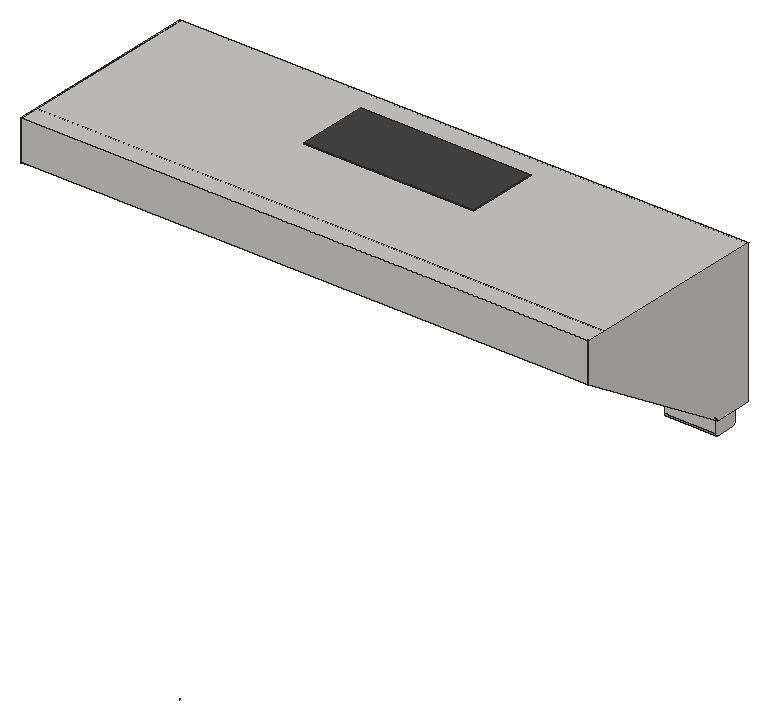
Revit family "QF_ELECTROLUXPROFESSIONAL_642272_MP720BT", category Specialty Equipment, Revit 2014
Reference planes
  plane 1: z = 0
  plane 2 "Center (Left/Right)": x = 150
  plane 3 "LEFT": x = -850
  plane 4 "RIGHT": x = 1150
  plane 5 "BACK": y = 550
  plane 6 "Plane": z = 2000
  plane 7 "TOP": z = 2140
  plane 8 "Base": z = 1640
  plane 9: z = 1566
  plane 10 "DrainY": y = 485
  plane 11: x = -847
  plane 12: through (0, 414.509, 1640.8) normal (0, 0.7314, 0.682)
  plane 13: y = 470
  plane 14: y = 220
  plane 15 "DrainX": x = 1030
  plane 16: x = -150
  plane 17: x = 450
  plane 18: x = 1147
  plane 19: x = 940
  plane 20: x = 1120
  plane 21: x = -810
  plane 22: x = 1110
  plane 23: x = -47.5
  plane 24: x = 347.5
  plane 25 "Center (Front/Back)": y = 200
  plane 26 "Front": y = -150
Forms (mm)
  Extrusion 1, solid, material "QF_Finishes_Stainless Steel"
    sketch origin (-850, 0, 0) x (0, 1, 0) y (0, 0, 1)
      loop
        line (550, 1640) -> (550, 2140) -> (-150, 2140) -> (-150, 1999.112) -> (413.973, 1640) -> (550, 1640)
    from 0 to 3
  Extrusion 2, solid, material "QF_Finishes_Stainless Steel"
    sketch origin (150, 0, 0) x (0, 1, 0) y (0, 0, 1)
      loop
        line (415.255, 1640) -> (550, 1640) -> (550, 2139.19) -> (549.2, 2139.19) -> (549.2, 1640.8) -> (415.876, 1640.8) -> (339.347, 1722.867) -> (349.609, 1732.436) -> (348.927, 1733.167) -> (337.934, 1722.917) -> (415.255, 1640)
      loop
        line (-82.203, 2139.19) -> (-82.203, 2118.6) -> (-31.047, 2118.6) -> (34.354, 2048.466) -> (46.028, 2059.352) -> (45.346, 2060.083) -> (34.403, 2049.879) -> (-30.612, 2119.6) -> (-81.203, 2119.6) -> (-81.203, 2139.19) -> (-82.203, 2139.19)
    from -997 to 997
  Extrusion 3, solid, material "QF_Finishes_Stainless Steel"
    sketch origin (1150, 0, 0) x (0, 1, 0) y (0, 0, 1)
      loop
        line (550, 1640) -> (550, 2140) -> (-150, 2140) -> (-150, 1999.112) -> (413.973, 1640) -> (550, 1640)
    from 0 to -3
  Extrusion 4, solid, material "QF_Finishes_Stainless Steel"
    sketch origin (150, 0, 0) x (0, 1, 0) y (0, 0, 1)
      loop
        line (-150, 2140) -> (-150, 2000) -> (-149.2, 2000) -> (-149.2, 2139.19) -> (550, 2139.19) -> (550, 2140) -> (-150, 2140)
    from -1000 to 1000
  Extrusion 5, solid, material "QF_Finishes_Stainless Steel"
    sketch origin (150, 0, 0) x (0, 1, 0) y (0, 0, 1)
      loop
        line (534, 1640) -> (436, 1640) -> (436, 1627) -> (443.5, 1627) -> (443.5, 1576)
        arc (443.5, 1576) -> (446.429, 1568.929) -> (453.5, 1566) r 10
        line (453.5, 1566) -> (516.5, 1566)
        arc (516.5, 1566) -> (523.571, 1568.929) -> (526.5, 1576) r 10
        line (526.5, 1576) -> (526.5, 1627) -> (534, 1627) -> (534, 1640)
    from 790 to 970
  Extrusion 6, solid, material "QF_Finishes_Stainless Steel"
    sketch origin (0, 0, 1640) x (0, 1, 0) y (-1, 0, 0)
      loop
        circle (485, -1030) r 20
    from -76 to -74
  Extrusion 7, solid, material "QF_Finished_Chrome"
    sketch origin (150, 0, 0) x (0, 1, 0) y (0, 0, 1)
      loop
        line (337.934, 1722.917) -> (341.591, 1726.327) -> (38.011, 2051.876) -> (34.354, 2048.466) -> (337.934, 1722.917)
    from -197.5 to -960
  Extrusion 8, solid, material "QF_Finishes_Stainless Steel"
    sketch origin (150, 0, 0) x (0, 1, 0) y (0, 0, 1)
      loop
        line (337.934, 1722.917) -> (341.591, 1726.327) -> (38.011, 2051.876) -> (34.354, 2048.466) -> (337.934, 1722.917)
    from 997 to 960
  Extrusion 9, solid, material "QF_Finished_Chrome"
    sketch origin (150, 0, 0) x (0, 1, 0) y (0, 0, 1)
      loop
        line (341.588, 1726.324) -> (38.009, 2051.874) -> (34.354, 2048.466) -> (337.934, 1722.917) -> (341.588, 1726.324)
    from 197.5 to 960
  Extrusion 10, solid, material "QF_Finishes_Black"
    sketch origin (0, 0, 2140) x (0, 1, 0) y (-1, 0, 0)
      loop
        line (470, -450) -> (470, 150) -> (220, 150) -> (220, -450) -> (470, -450)
    from 5 to 0
  Extrusion 11, solid, material "QF_Finishes_Stainless Steel"
    sketch origin (0, 0, 0) x (1, 0, 0) y (0, 1, 0)
      loop
        line (-850, 550) -> (-850, 549) -> (-849, 549) -> (-849, 550) -> (-850, 550)
    from 0 to 1
  Extrusion 12, solid, material "QF_Finishes_Stainless Steel"
    sketch origin (150, 0, 0) x (0, 1, 0) y (0, 0, 1)
      loop
        line (337.934, 1722.917) -> (341.591, 1726.327) -> (38.011, 2051.876) -> (34.354, 2048.466) -> (337.934, 1722.917)
    from -960 to -997
  Extrusion 13, solid, material "QF_Finishes_Stainless Steel"
    sketch origin (150, 0, 0) x (0, 1, 0) y (0, 0, 1)
      loop
        line (337.934, 1722.917) -> (341.591, 1726.327) -> (38.011, 2051.876) -> (34.354, 2048.466) -> (337.934, 1722.917)
    from 197.5 to -197.5
Cuts and joins
  joined: Extrusion 2, Extrusion 4
Lines and regions (mm)
  reference lines
    curve 1: line (150, 34.354, 2048.466) -> (150, 34.354, 1888.466)
  symbolic lines, style "SpecialityEquipment", detail levels coarse
    curve 2: line (1150, 550, 2140) -> (-850, 550, 2140)
    curve 3: line (-850, 550, 2140) -> (-850, -150, 2140)
    curve 4: line (1150, -150, 2140) -> (1150, 550, 2140)
    curve 5: line (-850, -150, 2140) -> (1150, -150, 2140)
    curve 6: line (450, 220, 2140) -> (-150, 220, 2140)
    curve 7: line (450, 470, 2140) -> (450, 220, 2140)
    curve 8: line (-150, 470, 2140) -> (450, 470, 2140)
    curve 9: line (-150, 220, 2140) -> (-150, 470, 2140)
    curve 10: line (-850, -150, 0) -> (1150, 550, 0)
    curve 11: line (1150, -150, 0) -> (-850, 550, 0)
Dimensions and locks
  plane 3 "LEFT" to plane 4 "RIGHT" = 2000 mm
  equal spacing: plane 3 "LEFT", plane 2 "Center (Left/Right)", plane 4 "RIGHT"
  locked: plane 6 "Plane" to level at 2000
  plane 7 "TOP" to plane 6 "Plane" = 140 mm
  locked: plane 7 "TOP" to plane 8 "Base" at 500
  plane 8 "Base" to plane 9 = 74 mm
  plane 5 "BACK" to plane 10 "DrainY" = 65 mm  (x2)
  plane 3 "LEFT" to plane 11 = 3 mm
  plane 5 "BACK" to plane 13 = 80 mm
  plane 13 to plane 14 = 250 mm  (x2)
  plane 15 "DrainX" to plane 4 "RIGHT" = 120 mm
  plane 18 to plane 4 "RIGHT" = 3 mm
  locked: plane 19 to plane 15 "DrainX" at 90
  locked: plane 15 "DrainX" to plane 20 at 90
  plane 13 to plane 5 "BACK" = 80 mm
  locked: plane 3 "LEFT" to plane 21 at 40
  locked: plane 22 to plane 4 "RIGHT" at 40
  locked: plane 23 to plane 24 at 395
  equal spacing: plane 23, plane 2 "Center (Left/Right)", plane 24
  locked: plane 16 to plane 17 at 600
  equal spacing: plane 16, plane 2 "Center (Left/Right)", plane 17
  locked: plane 5 "BACK" to plane 26 "Front" at 700
  equal spacing: plane 5 "BACK", plane 25 "Center (Front/Back)", plane 26 "Front"
  plane 5 "BACK" to plane 26 "Front" = 700 mm
  aligned and locked: level to plane 1
  aligned and locked: Extrusion 2 to Extrusion 1
  aligned and locked: Extrusion 2 to Extrusion 3
  aligned and locked: plane 4 "RIGHT" to Extrusion 4
  aligned and locked: Extrusion 4 to plane 3 "LEFT"
  aligned and locked: plane 18 to Extrusion 8
  aligned and locked: Extrusion 10 to plane 16
  aligned and locked: Extrusion 10 to plane 14
  aligned and locked: Extrusion 10 to plane 13
  aligned and locked: Extrusion 2 to Extrusion 4
  aligned and locked: plane 20 to Extrusion 5
  aligned and locked: Extrusion 5 to plane 19
  aligned and locked: Extrusion 8 to plane 22
  aligned and locked: Extrusion 9 to plane 22
  aligned and locked: Extrusion 7 to plane 21
  aligned and locked: Extrusion 12 to plane 11
  aligned and locked: plane 21 to Extrusion 12
  aligned and locked: Extrusion 3 to plane 18
  aligned and locked: Extrusion 10 to plane 17
  aligned and locked: plane 17 to curve 7
  aligned and locked: plane 24 to Extrusion 13
  aligned and locked: Extrusion 13 to plane 23
  aligned and locked: Extrusion 9 to plane 24
Automatic sketch dimensions
  curve 5 to plane 4 "RIGHT" = 0 mm
  curve 6 to plane 14 = 0 mm
  plane 13 to curve 8 = 0 mm
  curve 3 to plane 3 "LEFT" = 0 mm
  curve 3 to plane 5 "BACK" = 0 mm
  curve 6 to plane 16 = 0 mm
  Extrusion 2 sketch curve to plane 12 = 0 mm  (x3)
  Extrusion 2 sketch curve to plane 8 "Base" = 0 mm
  plane 12 to Extrusion 2 sketch curve = 0 mm
  Extrusion 2 sketch curve to plane 5 "BACK" = 0 mm
  Extrusion 2 sketch curve to Extrusion 2 sketch curve = 65.646 mm
  Extrusion 2 sketch curve to Extrusion 2 sketch curve = 0.682 mm  (x2)
  Extrusion 2 sketch curve to Extrusion 2 sketch curve = 10.261 mm
  plane 8 "Base" to Extrusion 2 sketch curve = 82.917 mm
  Extrusion 2 sketch curve to Extrusion 2 sketch curve = 10.942 mm
  Extrusion 2 sketch curve to Extrusion 2 sketch curve = 0.049 mm
  Extrusion 2 sketch curve to plane 7 "TOP" = 20.4 mm
  Extrusion 2 sketch curve to plane 7 "TOP" = 21.4 mm
  Extrusion 2 sketch curve to plane 7 "TOP" = 0.81 mm  (x2)
  Extrusion 2 sketch curve to Extrusion 2 sketch curve = 50.156 mm
  Extrusion 2 sketch curve to Extrusion 2 sketch curve = 1 mm
  plane 8 "Base" to Extrusion 2 sketch curve = 0.8 mm
  Extrusion 2 sketch curve to plane 5 "BACK" = 0.8 mm
  Extrusion 3 sketch curve to plane 8 "Base" = 0 mm
  Extrusion 3 sketch curve to plane 5 "BACK" = 0 mm
  Extrusion 3 sketch curve to plane 7 "TOP" = 0 mm
  plane 13 to Extrusion 3 sketch curve = 56.027 mm
  Extrusion 3 sketch curve to plane 6 "Plane" = 0.888 mm
  Extrusion 4 sketch curve to plane 6 "Plane" = 0 mm
  Extrusion 4 sketch curve to plane 5 "BACK" = 0 mm
  Extrusion 4 sketch curve to plane 7 "TOP" = 0 mm
  Extrusion 4 sketch curve to plane 7 "TOP" = 0.81 mm
  curve 1 to plane 12 = 0 mm
  curve 1 to plane 6 "Plane" = 111.534 mm
  Extrusion 5 sketch curve to plane 8 "Base" = 0 mm
  Extrusion 5 sketch curve to plane 9 = 0 mm
  Extrusion 5 sketch curve to plane 8 "Base" = 13 mm  (x2)
  plane 13 to Extrusion 5 sketch curve = 34 mm
  Extrusion 5 sketch curve to Extrusion 5 sketch curve = 7.5 mm  (x2)
  Extrusion 5 sketch curve to Extrusion 5 sketch curve = 10 mm
  plane 10 "DrainY" to Extrusion 5 sketch curve = 31.5 mm
  Extrusion 5 sketch curve to plane 5 "BACK" = 23.5 mm
  Extrusion 6 sketch curve to plane 10 "DrainY" = 0 mm
  Extrusion 6 sketch curve to plane 15 "DrainX" = 0 mm
  Extrusion 7 sketch curve to plane 12 = 0 mm  (x2)
  Extrusion 7 sketch curve to Extrusion 7 sketch curve = 3.657 mm
  plane 8 "Base" to Extrusion 7 sketch curve = 82.917 mm
  Extrusion 8 sketch curve to plane 12 = 0 mm  (x2)
  Extrusion 8 sketch curve to Extrusion 8 sketch curve = 3.657 mm
  plane 8 "Base" to Extrusion 8 sketch curve = 82.917 mm
  Extrusion 9 sketch curve to plane 12 = 0 mm  (x2)
  Extrusion 9 sketch curve to Extrusion 9 sketch curve = 3.655 mm
  plane 8 "Base" to Extrusion 9 sketch curve = 82.917 mm
  Extrusion 10 sketch curve to plane 14 = 0 mm
  plane 13 to Extrusion 10 sketch curve = 0 mm
  Extrusion 10 sketch curve to plane 17 = 0 mm
  Extrusion 10 sketch curve to plane 16 = 0 mm
  Extrusion 11 sketch curve to plane 3 "LEFT" = 0 mm
  Extrusion 11 sketch curve to plane 5 "BACK" = 0 mm
  plane 3 "LEFT" to Extrusion 11 sketch curve = 1 mm
  Extrusion 11 sketch curve to Extrusion 11 sketch curve = 1 mm
  Extrusion 12 sketch curve to plane 12 = 0 mm  (x2)
  Extrusion 12 sketch curve to Extrusion 12 sketch curve = 3.657 mm
  plane 8 "Base" to Extrusion 12 sketch curve = 82.917 mm
  Extrusion 13 sketch curve to plane 12 = 0 mm  (x2)
  Extrusion 13 sketch curve to Extrusion 13 sketch curve = 3.657 mm
  plane 8 "Base" to Extrusion 13 sketch curve = 82.917 mm
  Extrusion 4 sketch curve to Extrusion 4 sketch curve = 0.8 mm
  curve 5 to plane 14 = 370 mm
  plane 6 "Plane" to Extrusion 2 sketch curve = 48.466 mm
  Extrusion 3 sketch curve to plane 14 = 370 mm
  Extrusion 4 sketch curve to plane 14 = 369.2 mm
  curve 1 to plane 14 = 185.646 mm
  plane 6 "Plane" to Extrusion 7 sketch curve = 51.876 mm
  plane 6 "Plane" to Extrusion 8 sketch curve = 51.876 mm
  plane 6 "Plane" to Extrusion 9 sketch curve = 51.874 mm
  plane 6 "Plane" to Extrusion 12 sketch curve = 51.876 mm
  plane 6 "Plane" to Extrusion 13 sketch curve = 51.876 mm
  Extrusion 1 sketch curve to plane 26 "Front" = 0 mm
  Extrusion 1 sketch curve to plane 8 "Base" = 0 mm
  Extrusion 1 sketch curve to plane 5 "BACK" = 0 mm
  Extrusion 1 sketch curve to plane 7 "TOP" = 0 mm
  plane 13 to Extrusion 1 sketch curve = 56.027 mm
  Extrusion 1 sketch curve to plane 6 "Plane" = 0.888 mm
  curve 11 to plane 3 "LEFT" = 0 mm
  curve 10 to plane 3 "LEFT" = 0 mm
  curve 11 to plane 4 "RIGHT" = 0 mm
  curve 10 to plane 4 "RIGHT" = 0 mm
  curve 11 to plane 26 "Front" = 0 mm
  curve 10 to plane 26 "Front" = 0 mm
  curve 11 to plane 5 "BACK" = 0 mm
  curve 10 to plane 5 "BACK" = 0 mm
  radius of Extrusion 6 sketch curve = 20 mm
Connectors
  piping at (1030, 485, 1564), diameter 20
    settings: on Extrusion 6, index 1, connector inside diameter 609.6 mm, connector length 0 mm, flow factor 0, pipe flow 0.0 L/s, pressure drop 0.0 Pa, fitting loss kfactor 0, connector angle 0.00°, fixture units 0, engagement length 0 mm, angle of deflection 0.00°, flow configuration 1, flow direction 2, fitting loss method 0, system type 16, joint type 0, gender type 0, connector reference index -1, connector utility 0, adjustable connector no, is connector primary yes, connector description "Drain"
  hvac at (150, 345, 2145)
    settings: on Extrusion 10, index 2, duct flow 0.0 L/s, flow factor 0, pres drop 0.0 Pa, loss coef 0, conn angle 0.00°, conn width 250 mm, conn height 600 mm, conn diameter 609.6 mm, duct sys type 3, conn prof type 1, flow config 0, flow direction 2, loss method 0, conn ref index -1, conn util no, is conn primary yes, conn desc "EXHAUST OUTLET"
